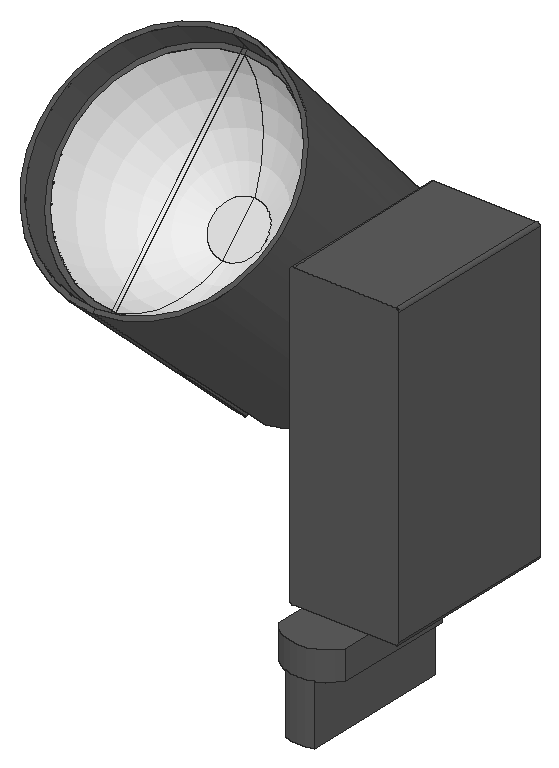
Revit family "0004951 Feilo Sylvania Lighting Fixture START TRACK SPOT L DALI 3616LM 940 MB BLK", category Lighting Fixtures, host Face, Revit 2017 (continued)
Definition of nested family "Start Track Spot Head"
  Types (96, lengths in mm): name | Wattage | built-in parameter 1150134 | Photometric Web File | Model | built-in parameter 1150105 | Lumens | built-in parameter 1150107 | built-in parameter 1150106 | HeadThickness_FEILO | HeadRibOffset_FEILO | HeadRibDepth_FEILO | HeadRibCutWidth_FEILO | HeadRibCutOffset_FEILO | HeadReflectorRadius_FEILO | HeadReflectorOffset_FEILO | HeadLEDRadius_FEILO | HeadHeight_FEILO | HeadDiffusorOffset_FEILO | HeadDiaOut_FEILO | HeadDiaIn_FEILO | HeadAxisFromTop_FEILO | Emit from Circle Diameter | built-in parameter 1150104 | Description | Apparent Load
    0004864 START TRACK SPOT S 24W 3K RA90 WB WHITE | 24 W | (empty or 0) | "0004864.ies" | "START TRACK SPOT S 24W 3K RA90 WB WHITE" | 152.79 (stored number, unit not read) | 1920 lm | 3000 (stored number, unit not read) | 1.5279 (stored number, unit not read) | 1.5 | 4.179 | 55.714 | 7.167 | 50.87 | 50.588 | 55.714 | 9.556 | 117 | 9.435 | 86 | 77.477 | 69.354 | 77.477 | 7.4322 (stored number, unit not read) | "Integrated LED spotlight, Textured White - RAL9016, compact and minimalist design, ideal for retail applications, die-cast aluminium body, passive cooling heatsink. Beam angle: 64°, color temperature: 3000K , total system power: 24W, total fixture output: 1928 lm, LOR: 100%, colour rendering: Ra: 90 typical, LED Chromaticity: 3 step MacAdam ellipse, lifetime: >50000 hours at L70B50, energy class: A++, A+, A, IR/UV free light source without heat radiation, operating voltage: 220-240V / 50-60Hz, drive current: 600mA, electronic driver, non-dimmable, power factor: 0.95, electrical protection: Class II, Global Track 3 Phase adapter suitable for Global trac 3-circuit tracks, ingress protection rating: IP20, suitable for internal environment only, horizontal rotation: 355°, vertical tilt: 90°, dimensions: Ø86x140x200, weight: 0.966kg." | 24 VA
    0004863 START TRACK SPOT S 24W 3K RA90 MB WHITE | 24 W | (empty or 0) | "0004863.ies" | "START TRACK SPOT S 24W 3K RA90 MB WHITE" | 154.7 (stored number, unit not read) | 1944 lm | 3000 (stored number, unit not read) | 1.547 (stored number, unit not read) | 1.5 | 4.179 | 55.714 | 7.167 | 50.87 | 50.588 | 55.714 | 9.556 | 117 | 9.435 | 86 | 77.477 | 69.354 | 77.477 | 7.5251 (stored number, unit not read) | "Integrated LED spotlight, Textured White - RAL9016, compact and minimalist design, ideal for retail applications, die-cast aluminium body, passive cooling heatsink. Beam angle: 36°, color temperature: 3000K , total system power: 24W, total fixture output: 1944 lm, LOR: 100%, colour rendering: Ra: 90 typical, LED Chromaticity: 3 step MacAdam ellipse, lifetime: >50000 hours at L70B50, energy class: A++, A+, A, IR/UV free light source without heat radiation, operating voltage: 220-240V / 50-60Hz, drive current: 600mA, electronic driver, non-dimmable, power factor: 0.95, electrical protection: Class II, Global Track 3 Phase adapter suitable for Global trac 3-circuit tracks, ingress protection rating: IP20, suitable for internal environment only, horizontal rotation: 355°, vertical tilt: 90°, dimensions: Ø86x140x200, weight: 0.966kg." | 24 VA
    0004862 START TRACK SPOT S 24W 3K RA90 NB WHITE | 24 W | (empty or 0) | "0004862.ies" | "START TRACK SPOT S 24W 3K RA90 NB WHITE" | 158.52 (stored number, unit not read) | 1992 lm | 3000 (stored number, unit not read) | 1.5852 (stored number, unit not read) | 1.5 | 4.179 | 55.714 | 7.167 | 50.87 | 50.588 | 55.714 | 9.556 | 117 | 9.435 | 86 | 77.477 | 69.354 | 77.477 | 7.711 (stored number, unit not read) | "Integrated LED spotlight, Textured White - RAL9016, compact and minimalist design, ideal for retail applications, die-cast aluminium body, passive cooling heatsink. Beam angle: 12°, color temperature: 3000K , total system power: 24W, total fixture output: 1987 lm, LOR: 100%, colour rendering: Ra: 90 typical, LED Chromaticity: 3 step MacAdam ellipse, lifetime: >50000 hours at L70B50, energy class: A++, A+, A, IR/UV free light source without heat radiation, operating voltage: 220-240V / 50-60Hz, drive current: 600mA, electronic driver, non-dimmable, power factor: 0.95, electrical protection: Class II, Global Track 3 Phase adapter suitable for Global trac 3-circuit tracks, ingress protection rating: IP20, suitable for internal environment only, horizontal rotation: 355°, vertical tilt: 90°, dimensions: Ø86x140x200, weight: 0.966kg." | 24 VA
    0004861 START TRACK SPOT S 14W 3K RA90 WB WHITE | 14 W | (empty or 0) | "0004861.ies" | "START TRACK SPOT S 14W 3K RA90 WB WHITE" | 100.27 (stored number, unit not read) | 1260 lm | 3000 (stored number, unit not read) | 1.0027 (stored number, unit not read) | 1.5 | 4.179 | 55.714 | 7.167 | 50.87 | 50.588 | 55.714 | 9.556 | 117 | 9.435 | 86 | 77.477 | 69.354 | 77.477 | 8.3613 (stored number, unit not read) | "Integrated LED spotlight, Textured White - RAL9016, compact and minimalist design, ideal for retail applications, die-cast aluminium body, passive cooling heatsink. Beam angle: 64°, color temperature: 3000K , total system power: 14W, total fixture output: 1262 lm, LOR: 100%, colour rendering: Ra: 90 typical, LED Chromaticity: 3 step MacAdam ellipse, lifetime: >50000 hours at L70B50, energy class: A++, A+, A, IR/UV free light source without heat radiation, operating voltage: 220-240V / 50-60Hz, drive current: 350mA, electronic driver, non-dimmable, power factor: 0.92, electrical protection: Class II, Global Track 3 Phase adapter suitable for Global trac 3-circuit tracks, ingress protection rating: IP20, suitable for internal environment only, horizontal rotation: 355°, vertical tilt: 90°, dimensions: Ø86x140x200, weight: 0.940kg." | 14 VA
    0004860 START TRACK SPOT S 14W 3K RA90 MB WHITE | 14 W | (empty or 0) | "0004860.ies" | "START TRACK SPOT S 14W 3K RA90 MB WHITE" | 100.27 (stored number, unit not read) | 1260 lm | 3000 (stored number, unit not read) | 1.0027 (stored number, unit not read) | 1.5 | 4.179 | 55.714 | 7.167 | 50.87 | 50.588 | 55.714 | 9.556 | 117 | 9.435 | 86 | 77.477 | 69.354 | 77.477 | 8.3613 (stored number, unit not read) | "Integrated LED spotlight, Textured White - RAL9016, compact and minimalist design, ideal for retail applications, die-cast aluminium body, passive cooling heatsink. Beam angle: 36°, color temperature: 3000K , total system power: 14W, total fixture output: 1262 lm, LOR: 100%, colour rendering: Ra: 90 typical, LED Chromaticity: 3 step MacAdam ellipse, lifetime: >50000 hours at L70B50, energy class: A++, A+, A, IR/UV free light source without heat radiation, operating voltage: 220-240V / 50-60Hz, drive current: 350mA, electronic driver, non-dimmable, power factor: 0.92, electrical protection: Class II, Global Track 3 Phase adapter suitable for Global trac 3-circuit tracks, ingress protection rating: IP20, suitable for internal environment only, horizontal rotation: 355°, vertical tilt: 90°, dimensions: Ø86x140x200, weight: 0.940kg." | 14 VA
    0004859 START TRACK SPOT S 14W 3K RA90 NB WHITE | 14 W | (empty or 0) | "0004859.ies" | "START TRACK SPOT S 14W 3K RA90 NB WHITE" | 102.5 (stored number, unit not read) | 1288 lm | 3000 (stored number, unit not read) | 1.025 (stored number, unit not read) | 1.5 | 4.179 | 55.714 | 7.167 | 50.87 | 50.588 | 55.714 | 9.556 | 117 | 9.435 | 86 | 77.477 | 69.354 | 77.477 | 8.5471 (stored number, unit not read) | "Integrated LED spotlight, Textured White - RAL9016, compact and minimalist design, ideal for retail applications, die-cast aluminium body, passive cooling heatsink. Beam angle: 12°, color temperature: 3000K , total system power: 14W, total fixture output: 1284 lm, LOR: 100%, colour rendering: Ra: 90 typical, LED Chromaticity: 3 step MacAdam ellipse, lifetime: >50000 hours at L70B50, energy class: A++, A+, A, IR/UV free light source without heat radiation, operating voltage: 220-240V / 50-60Hz, drive current: 350mA, electronic driver, non-dimmable, power factor: 0.92, electrical protection: Class II, Global Track 3 Phase adapter suitable for Global trac 3-circuit tracks, ingress protection rating: IP20, suitable for internal environment only, horizontal rotation: 355°, vertical tilt: 90°, dimensions: Ø86x140x200, weight: 0.940kg." | 14 VA
    0004858 START TRACK SPOT L 55W 4K RA80 WB BLACK | 55 W | 12 | "0004858.ies" | "START TRACK SPOT L 55W 4K RA80 WB BLACK" | 424.55 (stored number, unit not read) | 5335 lm | 4000 (stored number, unit not read) | 4.2455 (stored number, unit not read) | 2 | 4.429 | 59.048 | 9.417 | 53.913 | 66.471 | 59.048 | 12.556 | 124 | 10 | 113 | 101.802 | 73.503 | 101.802 | 9.0116 (stored number, unit not read) | "Integrated LED spotlight, Textured Black - RAL9005, compact and minimalist design, ideal for retail applications, die-cast aluminium body, passive cooling heatsink. Beam angle: 52°, color temperature: 4000K , total system power: 55W, total fixture output: 5320 lm, LOR: 100%, colour rendering: Ra: 80 typical, LED Chromaticity: 3 step MacAdam ellipse, lifetime: >50000 hours at L70B50, energy class: A++, A+, A, IR/UV free light source without heat radiation, operating voltage: 220-240V / 50-60Hz, drive current: 1400mA, electronic driver, non-dimmable, power factor: 0.96, electrical protection: Class II, Global Track 3 Phase adapter suitable for Global trac 3-circuit tracks, ingress protection rating: IP20, suitable for internal environment only, horizontal rotation: 355°, vertical tilt: 90°, dimensions: Ø113x164x240, weight: 1.398kg." | 55 VA
    0004857 START TRACK SPOT L 55W 4K RA80 MB BLACK | 55 W | 12 | "0004857.ies" | "START TRACK SPOT L 55W 4K RA80 MB BLACK" | 428.92 (stored number, unit not read) | 5390 lm | 4000 (stored number, unit not read) | 4.2892 (stored number, unit not read) | 2 | 4.429 | 59.048 | 9.417 | 53.913 | 66.471 | 59.048 | 12.556 | 124 | 10 | 113 | 101.802 | 73.503 | 101.802 | 9.1045 (stored number, unit not read) | "Integrated LED spotlight, Textured Black - RAL9005, compact and minimalist design, ideal for retail applications, die-cast aluminium body, passive cooling heatsink. Beam angle: 38°, color temperature: 4000K , total system power: 55W, total fixture output: 5378 lm, LOR: 100%, colour rendering: Ra: 80 typical, LED Chromaticity: 3 step MacAdam ellipse, lifetime: >50000 hours at L70B50, energy class: A++, A+, A, IR/UV free light source without heat radiation, operating voltage: 220-240V / 50-60Hz, drive current: 1400mA, electronic driver, non-dimmable, power factor: 0.96, electrical protection: Class II, Global Track 3 Phase adapter suitable for Global trac 3-circuit tracks, ingress protection rating: IP20, suitable for internal environment only, horizontal rotation: 355°, vertical tilt: 90°, dimensions: Ø113x164x240, weight: 1.398kg." | 55 VA
    0004856 START TRACK SPOT L 55W 4K RA80 NB BLACK | 55 W | 12 | "0004856.ies" | "START TRACK SPOT L 55W 4K RA80 NB BLACK" | 433.3 (stored number, unit not read) | 5445 lm | 4000 (stored number, unit not read) | 4.333 (stored number, unit not read) | 2 | 4.429 | 59.048 | 9.417 | 53.913 | 66.471 | 59.048 | 12.556 | 124 | 10 | 113 | 101.802 | 73.503 | 101.802 | 9.1974 (stored number, unit not read) | "Integrated LED spotlight, Textured Black - RAL9005, compact and minimalist design, ideal for retail applications, die-cast aluminium body, passive cooling heatsink. Beam angle: 15°, color temperature: 4000K , total system power: 55W, total fixture output: 5426 lm, LOR: 100%, colour rendering: Ra: 80 typical, LED Chromaticity: 3 step MacAdam ellipse, lifetime: >50000 hours at L70B50, energy class: A++, A+, A, IR/UV free light source without heat radiation, operating voltage: 220-240V / 50-60Hz, drive current: 1400mA, electronic driver, non-dimmable, power factor: 0.96, electrical protection: Class II, Global Track 3 Phase adapter suitable for Global trac 3-circuit tracks, ingress protection rating: IP20, suitable for internal environment only, horizontal rotation: 355°, vertical tilt: 90°, dimensions: Ø113x164x240, weight: 1.398kg." | 55 VA
    0004855 START TRACK SPOT L 35W 4K RA80 WB BLACK | 35 W | 12 | "0004855.ies" | "START TRACK SPOT L 35W 4K RA80 WB BLACK" | 320.3 (stored number, unit not read) | 4025 lm | 4000 (stored number, unit not read) | 3.203 (stored number, unit not read) | 2 | 4.429 | 59.048 | 9.417 | 53.913 | 66.471 | 59.048 | 12.556 | 124 | 10 | 113 | 101.802 | 73.503 | 101.802 | 10.684 (stored number, unit not read) | "Integrated LED spotlight, Textured Black - RAL9005, compact and minimalist design, ideal for retail applications, die-cast aluminium body, passive cooling heatsink. Beam angle: 52°, color temperature: 4000K , total system power: 35W, total fixture output: 4010 lm, LOR: 100%, colour rendering: Ra: 80 typical, LED Chromaticity: 3 step MacAdam ellipse, lifetime: >50000 hours at L70B50, energy class: A++, A+, A, IR/UV free light source without heat radiation, operating voltage: 220-240V / 50-60Hz, drive current: 900mA, electronic driver, non-dimmable, power factor: 0.93, electrical protection: Class II, Global Track 3 Phase adapter suitable for Global trac 3-circuit tracks, ingress protection rating: IP20, suitable for internal environment only, horizontal rotation: 355°, vertical tilt: 90°, dimensions: Ø113x164x240, weight: 1.368kg." | 35 VA
    0004854 START TRACK SPOT L 35W 4K RA80 MB BLACK | 35 W | 12 | "0004854.ies" | "START TRACK SPOT L 35W 4K RA80 MB BLACK" | 320.3 (stored number, unit not read) | 4025 lm | 4000 (stored number, unit not read) | 3.203 (stored number, unit not read) | 2 | 4.429 | 59.048 | 9.417 | 53.913 | 66.471 | 59.048 | 12.556 | 124 | 10 | 113 | 101.802 | 73.503 | 101.802 | 10.684 (stored number, unit not read) | "Integrated LED spotlight, Textured Black - RAL9005, compact and minimalist design, ideal for retail applications, die-cast aluminium body, passive cooling heatsink. Beam angle: 38°, color temperature: 4000K , total system power: 35W, total fixture output: 4017 lm, LOR: 100%, colour rendering: Ra: 80 typical, LED Chromaticity: 3 step MacAdam ellipse, lifetime: >50000 hours at L70B50, energy class: A++, A+, A, IR/UV free light source without heat radiation, operating voltage: 220-240V / 50-60Hz, drive current: 900mA, electronic driver, non-dimmable, power factor: 0.93, electrical protection: Class II, Global Track 3 Phase adapter suitable for Global trac 3-circuit tracks, ingress protection rating: IP20, suitable for internal environment only, horizontal rotation: 355°, vertical tilt: 90°, dimensions: Ø113x164x240, weight: 1.368kg." | 35 VA
    0004853 START TRACK SPOT L 35W 4K RA80 NB BLACK | 35 W | 12 | "0004853.ies" | "START TRACK SPOT L 35W 4K RA80 NB BLACK" | 331.44 (stored number, unit not read) | 4165 lm | 4000 (stored number, unit not read) | 3.3144 (stored number, unit not read) | 2 | 4.429 | 59.048 | 9.417 | 53.913 | 66.471 | 59.048 | 12.556 | 124 | 10 | 113 | 101.802 | 73.503 | 101.802 | 11.055 (stored number, unit not read) | "Integrated LED spotlight, Textured Black - RAL9005, compact and minimalist design, ideal for retail applications, die-cast aluminium body, passive cooling heatsink. Beam angle: 15°, color temperature: 4000K , total system power: 35W, total fixture output: 4174 lm, LOR: 100%, colour rendering: Ra: 80 typical, LED Chromaticity: 3 step MacAdam ellipse, lifetime: >50000 hours at L70B50, energy class: A++, A+, A, IR/UV free light source without heat radiation, operating voltage: 220-240V / 50-60Hz, drive current: 900mA, electronic driver, non-dimmable, power factor: 0.93, electrical protection: Class II, Global Track 3 Phase adapter suitable for Global trac 3-circuit tracks, ingress protection rating: IP20, suitable for internal environment only, horizontal rotation: 355°, vertical tilt: 90°, dimensions: Ø113x164x240, weight: 1.368kg." | 35 VA
    0004852 START TRACK SPOT S 24W 4K RA80 WB BLACK | 24 W | 12 | "0004852.ies" | "START TRACK SPOT S 24W 4K RA80 WB BLACK" | 196.72 (stored number, unit not read) | 2472 lm | 4000 (stored number, unit not read) | 1.9672 (stored number, unit not read) | 1.5 | 4.179 | 55.714 | 7.167 | 50.87 | 50.588 | 55.714 | 9.556 | 117 | 9.435 | 86 | 77.477 | 69.354 | 77.477 | 9.569 (stored number, unit not read) | "Integrated LED spotlight, Textured Black - RAL9005, compact and minimalist design, ideal for retail applications, die-cast aluminium body, passive cooling heatsink. Beam angle: 64°, color temperature: 4000K , total system power: 24W, total fixture output: 2476 lm, LOR: 100%, colour rendering: Ra: 80 typical, LED Chromaticity: 3 step MacAdam ellipse, lifetime: >50000 hours at L70B50, energy class: A++, A+, A, IR/UV free light source without heat radiation, operating voltage: 220-240V / 50-60Hz, drive current: 600mA, electronic driver, non-dimmable, power factor: 0.95, electrical protection: Class II, Global Track 3 Phase adapter suitable for Global trac 3-circuit tracks, ingress protection rating: IP20, suitable for internal environment only, horizontal rotation: 355°, vertical tilt: 90°, dimensions: Ø86x140x200, weight: 0.966kg." | 24 VA
    0004851 START TRACK SPOT S 24W 4K RA80 MB BLACK | 24 W | 12 | "0004851.ies" | "START TRACK SPOT S 24W 4K RA80 MB BLACK" | 198.63 (stored number, unit not read) | 2496 lm | 4000 (stored number, unit not read) | 1.9863 (stored number, unit not read) | 1.5 | 4.179 | 55.714 | 7.167 | 50.87 | 50.588 | 55.714 | 9.556 | 117 | 9.435 | 86 | 77.477 | 69.354 | 77.477 | 9.6619 (stored number, unit not read) | "Integrated LED spotlight, Textured Black - RAL9005, compact and minimalist design, ideal for retail applications, die-cast aluminium body, passive cooling heatsink. Beam angle: 36°, color temperature: 4000K , total system power: 24W, total fixture output: 2487 lm, LOR: 100%, colour rendering: Ra: 80 typical, LED Chromaticity: 3 step MacAdam ellipse, lifetime: >50000 hours at L70B50, energy class: A++, A+, A, IR/UV free light source without heat radiation, operating voltage: 220-240V / 50-60Hz, drive current: 600mA, electronic driver, non-dimmable, power factor: 0.95, electrical protection: Class II, Global Track 3 Phase adapter suitable for Global trac 3-circuit tracks, ingress protection rating: IP20, suitable for internal environment only, horizontal rotation: 355°, vertical tilt: 90°, dimensions: Ø86x140x200, weight: 0.966kg." | 24 VA
    0004850 START TRACK SPOT S 24W 4K RA80 NB BLACK | 24 W | 12 | "0004850.ies" | "START TRACK SPOT S 24W 4K RA80 NB BLACK" | 200.54 (stored number, unit not read) | 2520 lm | 4000 (stored number, unit not read) | 2.0054 (stored number, unit not read) | 1.5 | 4.179 | 55.714 | 7.167 | 50.87 | 50.588 | 55.714 | 9.556 | 117 | 9.435 | 86 | 77.477 | 69.354 | 77.477 | 9.7548 (stored number, unit not read) | "Integrated LED spotlight, Textured Black - RAL9005, compact and minimalist design, ideal for retail applications, die-cast aluminium body, passive cooling heatsink. Beam angle: 12°, color temperature: 4000K , total system power: 24W, total fixture output: 2529 lm, LOR: 100%, colour rendering: Ra: 80 typical, LED Chromaticity: 3 step MacAdam ellipse, lifetime: >50000 hours at L70B50, energy class: A++, A+, A, IR/UV free light source without heat radiation, operating voltage: 220-240V / 50-60Hz, drive current: 600mA, electronic driver, non-dimmable, power factor: 0.95, electrical protection: Class II, Global Track 3 Phase adapter suitable for Global trac 3-circuit tracks, ingress protection rating: IP20, suitable for internal environment only, horizontal rotation: 355°, vertical tilt: 90°, dimensions: Ø86x140x200, weight: 0.966kg." | 24 VA
    0004849 START TRACK SPOT S 14W 4K RA80 WB BLACK | 14 W | 12 | "0004849.ies" | "START TRACK SPOT S 14W 4K RA80 WB BLACK" | 123.66 (stored number, unit not read) | 1554 lm | 4000 (stored number, unit not read) | 1.2366 (stored number, unit not read) | 1.5 | 4.179 | 55.714 | 7.167 | 50.87 | 50.588 | 55.714 | 9.556 | 117 | 9.435 | 86 | 77.477 | 69.354 | 77.477 | 10.312 (stored number, unit not read) | "Integrated LED spotlight, Textured Black - RAL9005, compact and minimalist design, ideal for retail applications, die-cast aluminium body, passive cooling heatsink. Beam angle: 64°, color temperature: 4000K , total system power: 14W, total fixture output: 1558 lm, LOR: 100%, colour rendering: Ra: 80 typical, LED Chromaticity: 3 step MacAdam ellipse, lifetime: >50000 hours at L70B50, energy class: A++, A+, A, IR/UV free light source without heat radiation, operating voltage: 220-240V / 50-60Hz, drive current: 350mA, electronic driver, non-dimmable, power factor: 0.92, electrical protection: Class II, Global Track 3 Phase adapter suitable for Global trac 3-circuit tracks, ingress protection rating: IP20, suitable for internal environment only, horizontal rotation: 355°, vertical tilt: 90°, dimensions: Ø86x140x200, weight: 0.940kg." | 14 VA
    0004848 START TRACK SPOT S 14W 4K RA80 MB BLACK | 14 W | 12 | "0004848.ies" | "START TRACK SPOT S 14W 4K RA80 MB BLACK" | 127.01 (stored number, unit not read) | 1596 lm | 4000 (stored number, unit not read) | 1.2701 (stored number, unit not read) | 1.5 | 4.179 | 55.714 | 7.167 | 50.87 | 50.588 | 55.714 | 9.556 | 117 | 9.435 | 86 | 77.477 | 69.354 | 77.477 | 10.591 (stored number, unit not read) | "Integrated LED spotlight, Textured Black - RAL9005, compact and minimalist design, ideal for retail applications, die-cast aluminium body, passive cooling heatsink. Beam angle: 36°, color temperature: 4000K , total system power: 14W, total fixture output: 1598 lm, LOR: 100%, colour rendering: Ra: 80 typical, LED Chromaticity: 3 step MacAdam ellipse, lifetime: >50000 hours at L70B50, energy class: A++, A+, A, IR/UV free light source without heat radiation, operating voltage: 220-240V / 50-60Hz, drive current: 350mA, electronic driver, non-dimmable, power factor: 0.92, electrical protection: Class II, Global Track 3 Phase adapter suitable for Global trac 3-circuit tracks, ingress protection rating: IP20, suitable for internal environment only, horizontal rotation: 355°, vertical tilt: 90°, dimensions: Ø86x140x200, weight: 0.940kg." | 14 VA
    0004847 START TRACK SPOT S 14W 4K RA80 NB BLACK | 14 W | 12 | "0004847.ies" | "START TRACK SPOT S 14W 4K RA80 NB BLACK" | 128.12 (stored number, unit not read) | 1610 lm | 4000 (stored number, unit not read) | 1.2812 (stored number, unit not read) | 1.5 | 4.179 | 55.714 | 7.167 | 50.87 | 50.588 | 55.714 | 9.556 | 117 | 9.435 | 86 | 77.477 | 69.354 | 77.477 | 10.684 (stored number, unit not read) | "Integrated LED spotlight, Textured Black - RAL9005, compact and minimalist design, ideal for retail applications, die-cast aluminium body, passive cooling heatsink. Beam angle: 12°, color temperature: 4000K , total system power: 14W, total fixture output: 1608 lm, LOR: 100%, colour rendering: Ra: 80 typical, LED Chromaticity: 3 step MacAdam ellipse, lifetime: >50000 hours at L70B50, energy class: A++, A+, A, IR/UV free light source without heat radiation, operating voltage: 220-240V / 50-60Hz, drive current: 350mA, electronic driver, non-dimmable, power factor: 0.92, electrical protection: Class II, Global Track 3 Phase adapter suitable for Global trac 3-circuit tracks, ingress protection rating: IP20, suitable for internal environment only, horizontal rotation: 355°, vertical tilt: 90°, dimensions: Ø86x140x200, weight: 0.940kg." | 14 VA
    0004846 START TRACK SPOT L 55W 3K RA80 WB BLACK | 55 W | (empty or 0) | "0004846.ies" | "START TRACK SPOT L 55W 3K RA80 WB BLACK" | 420.17 (stored number, unit not read) | 5280 lm | 3000 (stored number, unit not read) | 4.2017 (stored number, unit not read) | 2 | 4.429 | 59.048 | 9.417 | 53.913 | 66.471 | 59.048 | 12.556 | 124 | 10 | 113 | 101.802 | 73.503 | 101.802 | 8.9187 (stored number, unit not read) | "Integrated LED spotlight, Textured Black - RAL9005, compact and minimalist design, ideal for retail applications, die-cast aluminium body, passive cooling heatsink. Beam angle: 52°, color temperature: 3000K , total system power: 55W, total fixture output: 5298 lm, LOR: 100%, colour rendering: Ra: 80 typical, LED Chromaticity: 3 step MacAdam ellipse, lifetime: >50000 hours at L70B50, energy class: A++, A+, A, IR/UV free light source without heat radiation, operating voltage: 220-240V / 50-60Hz, drive current: 1400mA, electronic driver, non-dimmable, power factor: 0.96, electrical protection: Class II, Global Track 3 Phase adapter suitable for Global trac 3-circuit tracks, ingress protection rating: IP20, suitable for internal environment only, horizontal rotation: 355°, vertical tilt: 90°, dimensions: Ø113x164x240, weight: 1.398kg." | 55 VA
    0004845 START TRACK SPOT L 55W 3K RA80 MB BLACK | 55 W | (empty or 0) | "0004845.ies" | "START TRACK SPOT L 55W 3K RA80 MB BLACK" | 428.92 (stored number, unit not read) | 5390 lm | 3000 (stored number, unit not read) | 4.2892 (stored number, unit not read) | 2 | 4.429 | 59.048 | 9.417 | 53.913 | 66.471 | 59.048 | 12.556 | 124 | 10 | 113 | 101.802 | 73.503 | 101.802 | 9.1045 (stored number, unit not read) | "Integrated LED spotlight, Textured Black - RAL9005, compact and minimalist design, ideal for retail applications, die-cast aluminium body, passive cooling heatsink. Beam angle: 38°, color temperature: 3000K , total system power: 55W, total fixture output: 5381 lm, LOR: 100%, colour rendering: Ra: 80 typical, LED Chromaticity: 3 step MacAdam ellipse, lifetime: >50000 hours at L70B50, energy class: A++, A+, A, IR/UV free light source without heat radiation, operating voltage: 220-240V / 50-60Hz, drive current: 1400mA, electronic driver, non-dimmable, power factor: 0.96, electrical protection: Class II, Global Track 3 Phase adapter suitable for Global trac 3-circuit tracks, ingress protection rating: IP20, suitable for internal environment only, horizontal rotation: 355°, vertical tilt: 90°, dimensions: Ø113x164x240, weight: 1.398kg." | 55 VA
    0004844 START TRACK SPOT L 55W 3K RA80 NB BLACK | 55 W | (empty or 0) | "0004844.ies" | "START TRACK SPOT L 55W 3K RA80 NB BLACK" | 433.3 (stored number, unit not read) | 5445 lm | 3000 (stored number, unit not read) | 4.333 (stored number, unit not read) | 2 | 4.429 | 59.048 | 9.417 | 53.913 | 66.471 | 59.048 | 12.556 | 124 | 10 | 113 | 101.802 | 73.503 | 101.802 | 9.1974 (stored number, unit not read) | "Integrated LED spotlight, Textured Black - RAL9005, compact and minimalist design, ideal for retail applications, die-cast aluminium body, passive cooling heatsink. Beam angle: 15°, color temperature: 3000K , total system power: 55W, total fixture output: 5449 lm, LOR: 100%, colour rendering: Ra: 80 typical, LED Chromaticity: 3 step MacAdam ellipse, lifetime: >50000 hours at L70B50, energy class: A++, A+, A, IR/UV free light source without heat radiation, operating voltage: 220-240V / 50-60Hz, drive current: 1400mA, electronic driver, non-dimmable, power factor: 0.96, electrical protection: Class II, Global Track 3 Phase adapter suitable for Global trac 3-circuit tracks, ingress protection rating: IP20, suitable for internal environment only, horizontal rotation: 355°, vertical tilt: 90°, dimensions: Ø113x164x240, weight: 1.398kg." | 55 VA
    0004843 START TRACK SPOT L 35W 3K RA80 WB BLACK | 35 W | (empty or 0) | "0004843.ies" | "START TRACK SPOT L 35W 3K RA80 WB BLACK" | 314.73 (stored number, unit not read) | 3955 lm | 3000 (stored number, unit not read) | 3.1473 (stored number, unit not read) | 2 | 4.429 | 59.048 | 9.417 | 53.913 | 66.471 | 59.048 | 12.556 | 124 | 10 | 113 | 101.802 | 73.503 | 101.802 | 10.498 (stored number, unit not read) | "Integrated LED spotlight, Textured Black - RAL9005, compact and minimalist design, ideal for retail applications, die-cast aluminium body, passive cooling heatsink. Beam angle: 52°, color temperature: 3000K , total system power: 35W, total fixture output: 3943 lm, LOR: 100%, colour rendering: Ra: 80 typical, LED Chromaticity: 3 step MacAdam ellipse, lifetime: >50000 hours at L70B50, energy class: A++, A+, A, IR/UV free light source without heat radiation, operating voltage: 220-240V / 50-60Hz, drive current: 900mA, electronic driver, non-dimmable, power factor: 0.93, electrical protection: Class II, Global Track 3 Phase adapter suitable for Global trac 3-circuit tracks, ingress protection rating: IP20, suitable for internal environment only, horizontal rotation: 355°, vertical tilt: 90°, dimensions: Ø113x164x240, weight: 1.368kg." | 35 VA
    0004842 START TRACK SPOT L 35W 3K RA80 MB BLACK | 35 W | (empty or 0) | "0004842.ies" | "START TRACK SPOT L 35W 3K RA80 MB BLACK" | 320.3 (stored number, unit not read) | 4025 lm | 3000 (stored number, unit not read) | 3.203 (stored number, unit not read) | 2 | 4.429 | 59.048 | 9.417 | 53.913 | 66.471 | 59.048 | 12.556 | 124 | 10 | 113 | 101.802 | 73.503 | 101.802 | 10.684 (stored number, unit not read) | "Integrated LED spotlight, Textured Black - RAL9005, compact and minimalist design, ideal for retail applications, die-cast aluminium body, passive cooling heatsink. Beam angle: 38°, color temperature: 3000K , total system power: 35W, total fixture output: 4008 lm, LOR: 100%, colour rendering: Ra: 80 typical, LED Chromaticity: 3 step MacAdam ellipse, lifetime: >50000 hours at L70B50, energy class: A++, A+, A, IR/UV free light source without heat radiation, operating voltage: 220-240V / 50-60Hz, drive current: 900mA, electronic driver, non-dimmable, power factor: 0.93, electrical protection: Class II, Global Track 3 Phase adapter suitable for Global trac 3-circuit tracks, ingress protection rating: IP20, suitable for internal environment only, horizontal rotation: 355°, vertical tilt: 90°, dimensions: Ø113x164x240, weight: 1.368kg." | 35 VA
    0004841 START TRACK SPOT L 35W 3K RA80 NB BLACK | 35 W | (empty or 0) | "0004841.ies" | "START TRACK SPOT L 35W 3K RA80 NB BLACK" | 317.51 (stored number, unit not read) | 3990 lm | 3000 (stored number, unit not read) | 3.1751 (stored number, unit not read) | 2 | 4.429 | 59.048 | 9.417 | 53.913 | 66.471 | 59.048 | 12.556 | 124 | 10 | 113 | 101.802 | 73.503 | 101.802 | 10.591 (stored number, unit not read) | "Integrated LED spotlight, Textured Black - RAL9005, compact and minimalist design, ideal for retail applications, die-cast aluminium body, passive cooling heatsink. Beam angle: 15°, color temperature: 3000K , total system power: 35W, total fixture output: 4005 lm, LOR: 100%, colour rendering: Ra: 80 typical, LED Chromaticity: 3 step MacAdam ellipse, lifetime: >50000 hours at L70B50, energy class: A++, A+, A, IR/UV free light source without heat radiation, operating voltage: 220-240V / 50-60Hz, drive current: 900mA, electronic driver, non-dimmable, power factor: 0.93, electrical protection: Class II, Global Track 3 Phase adapter suitable for Global trac 3-circuit tracks, ingress protection rating: IP20, suitable for internal environment only, horizontal rotation: 355°, vertical tilt: 90°, dimensions: Ø113x164x240, weight: 1.368kg." | 35 VA
    0004840 START TRACK SPOT S 24W 3K RA80 WB BLACK | 24 W | (empty or 0) | "0004840.ies" | "START TRACK SPOT S 24W 3K RA80 WB BLACK" | 185.26 (stored number, unit not read) | 2328 lm | 3000 (stored number, unit not read) | 1.8526 (stored number, unit not read) | 1.5 | 4.179 | 55.714 | 7.167 | 50.87 | 50.588 | 55.714 | 9.556 | 117 | 9.435 | 86 | 77.477 | 69.354 | 77.477 | 9.0116 (stored number, unit not read) | "Integrated LED spotlight, Textured Black - RAL9005, compact and minimalist design, ideal for retail applications, die-cast aluminium body, passive cooling heatsink. Beam angle: 64°, color temperature: 3000K , total system power: 24W, total fixture output: 2318 lm, LOR: 100%, colour rendering: Ra: 80 typical, LED Chromaticity: 3 step MacAdam ellipse, lifetime: >50000 hours at L70B50, energy class: A++, A+, A, IR/UV free light source without heat radiation, operating voltage: 220-240V / 50-60Hz, drive current: 600mA, electronic driver, non-dimmable, power factor: 0.95, electrical protection: Class II, Global Track 3 Phase adapter suitable for Global trac 3-circuit tracks, ingress protection rating: IP20, suitable for internal environment only, horizontal rotation: 355°, vertical tilt: 90°, dimensions: Ø86x140x200, weight: 0.966kg." | 24 VA
    0004839 START TRACK SPOT S 24W 3K RA80 MB BLACK | 24 W | (empty or 0) | "0004839.ies" | "START TRACK SPOT S 24W 3K RA80 MB BLACK" | 183.35 (stored number, unit not read) | 2304 lm | 3000 (stored number, unit not read) | 1.8335 (stored number, unit not read) | 1.5 | 4.179 | 55.714 | 7.167 | 50.87 | 50.588 | 55.714 | 9.556 | 117 | 9.435 | 86 | 77.477 | 69.354 | 77.477 | 8.9187 (stored number, unit not read) | "Integrated LED spotlight, Textured Black - RAL9005, compact and minimalist design, ideal for retail applications, die-cast aluminium body, passive cooling heatsink. Beam angle: 36°, color temperature: 3000K , total system power: 24W, total fixture output: 2314 lm, LOR: 100%, colour rendering: Ra: 80 typical, LED Chromaticity: 3 step MacAdam ellipse, lifetime: >50000 hours at L70B50, energy class: A++, A+, A, IR/UV free light source without heat radiation, operating voltage: 220-240V / 50-60Hz, drive current: 600mA, electronic driver, non-dimmable, power factor: 0.95, electrical protection: Class II, Global Track 3 Phase adapter suitable for Global trac 3-circuit tracks, ingress protection rating: IP20, suitable for internal environment only, horizontal rotation: 355°, vertical tilt: 90°, dimensions: Ø86x140x200, weight: 0.966kg." | 24 VA
    0004838 START TRACK SPOT S 24W 3K RA80 NB BLACK | 24 W | (empty or 0) | "0004838.ies" | "START TRACK SPOT S 24W 3K RA80 NB BLACK" | 185.26 (stored number, unit not read) | 2328 lm | 3000 (stored number, unit not read) | 1.8526 (stored number, unit not read) | 1.5 | 4.179 | 55.714 | 7.167 | 50.87 | 50.588 | 55.714 | 9.556 | 117 | 9.435 | 86 | 77.477 | 69.354 | 77.477 | 9.0116 (stored number, unit not read) | "Integrated LED spotlight, Textured Black - RAL9005, compact and minimalist design, ideal for retail applications, die-cast aluminium body, passive cooling heatsink. Beam angle: 12°, color temperature: 3000K , total system power: 24W, total fixture output: 2334 lm, LOR: 100%, colour rendering: Ra: 80 typical, LED Chromaticity: 3 step MacAdam ellipse, lifetime: >50000 hours at L70B50, energy class: A++, A+, A, IR/UV free light source without heat radiation, operating voltage: 220-240V / 50-60Hz, drive current: 600mA, electronic driver, non-dimmable, power factor: 0.95, electrical protection: Class II, Global Track 3 Phase adapter suitable for Global trac 3-circuit tracks, ingress protection rating: IP20, suitable for internal environment only, horizontal rotation: 355°, vertical tilt: 90°, dimensions: Ø86x140x200, weight: 0.966kg." | 24 VA
    0004837 START TRACK SPOT S 14W 3K RA80 WB BLACK | 14 W | (empty or 0) | "0004837.ies" | "START TRACK SPOT S 14W 3K RA80 WB BLACK" | 119.21 (stored number, unit not read) | 1498 lm | 3000 (stored number, unit not read) | 1.1921 (stored number, unit not read) | 1.5 | 4.179 | 55.714 | 7.167 | 50.87 | 50.588 | 55.714 | 9.556 | 117 | 9.435 | 86 | 77.477 | 69.354 | 77.477 | 9.9406 (stored number, unit not read) | "Integrated LED spotlight, Textured Black - RAL9005, compact and minimalist design, ideal for retail applications, die-cast aluminium body, passive cooling heatsink. Beam angle: 64°, color temperature: 3000K , total system power: 14W, total fixture output: 1498 lm, LOR: 100%, colour rendering: Ra: 80 typical, LED Chromaticity: 3 step MacAdam ellipse, lifetime: >50000 hours at L70B50, energy class: A++, A+, A, IR/UV free light source without heat radiation, operating voltage: 220-240V / 50-60Hz, drive current: 350mA, electronic driver, non-dimmable, power factor: 0.92, electrical protection: Class II, Global Track 3 Phase adapter suitable for Global trac 3-circuit tracks, ingress protection rating: IP20, suitable for internal environment only, horizontal rotation: 355°, vertical tilt: 90°, dimensions: Ø86x140x200, weight: 0.940kg." | 14 VA
    0004836 START TRACK SPOT S 14W 3K RA80 MB BLACK | 14 W | (empty or 0) | "0004836.ies" | "START TRACK SPOT S 14W 3K RA80 MB BLACK" | 120.32 (stored number, unit not read) | 1512 lm | 3000 (stored number, unit not read) | 1.2032 (stored number, unit not read) | 1.5 | 4.179 | 55.714 | 7.167 | 50.87 | 50.588 | 55.714 | 9.556 | 117 | 9.435 | 86 | 77.477 | 69.354 | 77.477 | 10.034 (stored number, unit not read) | "Integrated LED spotlight, Textured Black - RAL9005, compact and minimalist design, ideal for retail applications, die-cast aluminium body, passive cooling heatsink. Beam angle: 36°, color temperature: 3000K , total system power: 14W, total fixture output: 1508 lm, LOR: 100%, colour rendering: Ra: 80 typical, LED Chromaticity: 3 step MacAdam ellipse, lifetime: >50000 hours at L70B50, energy class: A++, A+, A, IR/UV free light source without heat radiation, operating voltage: 220-240V / 50-60Hz, drive current: 350mA, electronic driver, non-dimmable, power factor: 0.92, electrical protection: Class II, Global Track 3 Phase adapter suitable for Global trac 3-circuit tracks, ingress protection rating: IP20, suitable for internal environment only, horizontal rotation: 355°, vertical tilt: 90°, dimensions: Ø86x140x200, weight: 0.940kg." | 14 VA
    0004835 START TRACK SPOT S 14W 3K RA80 NB BLACK | 14 W | (empty or 0) | "0004835.ies" | "START TRACK SPOT S 14W 3K RA80 NB BLACK" | 123.66 (stored number, unit not read) | 1554 lm | 3000 (stored number, unit not read) | 1.2366 (stored number, unit not read) | 1.5 | 4.179 | 55.714 | 7.167 | 50.87 | 50.588 | 55.714 | 9.556 | 117 | 9.435 | 86 | 77.477 | 69.354 | 77.477 | 10.312 (stored number, unit not read) | "Integrated LED spotlight, Textured Black - RAL9005, compact and minimalist design, ideal for retail applications, die-cast aluminium body, passive cooling heatsink. Beam angle: 12°, color temperature: 3000K , total system power: 14W, total fixture output: 1551 lm, LOR: 100%, colour rendering: Ra: 80 typical, LED Chromaticity: 3 step MacAdam ellipse, lifetime: >50000 hours at L70B50, energy class: A++, A+, A, IR/UV free light source without heat radiation, operating voltage: 220-240V / 50-60Hz, drive current: 350mA, electronic driver, non-dimmable, power factor: 0.92, electrical protection: Class II, Global Track 3 Phase adapter suitable for Global trac 3-circuit tracks, ingress protection rating: IP20, suitable for internal environment only, horizontal rotation: 355°, vertical tilt: 90°, dimensions: Ø86x140x200, weight: 0.940kg." | 14 VA
    0004834 START TRACK SPOT L 55W 4K RA80 WB WHITE | 55 W | 12 | "0004834.ies" | "START TRACK SPOT L 55W 4K RA80 WB WHITE" | 424.55 (stored number, unit not read) | 5335 lm | 4000 (stored number, unit not read) | 4.2455 (stored number, unit not read) | 2 | 4.429 | 59.048 | 9.417 | 53.913 | 66.471 | 59.048 | 12.556 | 124 | 10 | 113 | 101.802 | 73.503 | 101.802 | 9.0116 (stored number, unit not read) | "Integrated LED spotlight, Textured White - RAL9016, compact and minimalist design, ideal for retail applications, die-cast aluminium body, passive cooling heatsink. Beam angle: 52°, color temperature: 4000K , total system power: 55W, total fixture output: 5320 lm, LOR: 100%, colour rendering: Ra: 80 typical, LED Chromaticity: 3 step MacAdam ellipse, lifetime: >50000 hours at L70B50, energy class: A++, A+, A, IR/UV free light source without heat radiation, operating voltage: 220-240V / 50-60Hz, drive current: 1400mA, electronic driver, non-dimmable, power factor: 0.96, electrical protection: Class II, Global Track 3 Phase adapter suitable for Global trac 3-circuit tracks, ingress protection rating: IP20, suitable for internal environment only, horizontal rotation: 355°, vertical tilt: 90°, dimensions: Ø113x164x240, weight: 1.398kg." | 55 VA
    0004833 START TRACK SPOT L 55W 4K RA80 MB WHITE | 55 W | 12 | "0004833.ies" | "START TRACK SPOT L 55W 4K RA80 MB WHITE" | 428.92 (stored number, unit not read) | 5390 lm | 4000 (stored number, unit not read) | 4.2892 (stored number, unit not read) | 2 | 4.429 | 59.048 | 9.417 | 53.913 | 66.471 | 59.048 | 12.556 | 124 | 10 | 113 | 101.802 | 73.503 | 101.802 | 9.1045 (stored number, unit not read) | "Integrated LED spotlight, Textured White - RAL9016, compact and minimalist design, ideal for retail applications, die-cast aluminium body, passive cooling heatsink. Beam angle: 38°, color temperature: 4000K , total system power: 55W, total fixture output: 5378 lm, LOR: 100%, colour rendering: Ra: 80 typical, LED Chromaticity: 3 step MacAdam ellipse, lifetime: >50000 hours at L70B50, energy class: A++, A+, A, IR/UV free light source without heat radiation, operating voltage: 220-240V / 50-60Hz, drive current: 1400mA, electronic driver, non-dimmable, power factor: 0.96, electrical protection: Class II, Global Track 3 Phase adapter suitable for Global trac 3-circuit tracks, ingress protection rating: IP20, suitable for internal environment only, horizontal rotation: 355°, vertical tilt: 90°, dimensions: Ø113x164x240, weight: 1.398kg." | 55 VA
    0004832 START TRACK SPOT L 55W 4K RA80 NB WHITE | 55 W | 12 | "0004832.ies" | "START TRACK SPOT L 55W 4K RA80 NB WHITE" | 433.3 (stored number, unit not read) | 5445 lm | 4000 (stored number, unit not read) | 4.333 (stored number, unit not read) | 2 | 4.429 | 59.048 | 9.417 | 53.913 | 66.471 | 59.048 | 12.556 | 124 | 10 | 113 | 101.802 | 73.503 | 101.802 | 9.1974 (stored number, unit not read) | "Integrated LED spotlight, Textured White - RAL9016, compact and minimalist design, ideal for retail applications, die-cast aluminium body, passive cooling heatsink. Beam angle: 15°, color temperature: 4000K , total system power: 55W, total fixture output: 5426 lm, LOR: 100%, colour rendering: Ra: 80 typical, LED Chromaticity: 3 step MacAdam ellipse, lifetime: >50000 hours at L70B50, energy class: A++, A+, A, IR/UV free light source without heat radiation, operating voltage: 220-240V / 50-60Hz, drive current: 1400mA, electronic driver, non-dimmable, power factor: 0.96, electrical protection: Class II, Global Track 3 Phase adapter suitable for Global trac 3-circuit tracks, ingress protection rating: IP20, suitable for internal environment only, horizontal rotation: 355°, vertical tilt: 90°, dimensions: Ø113x164x240, weight: 1.398kg." | 55 VA
    0004831 START TRACK SPOT L 35W 4K RA80 WB WHITE | 35 W | 12 | "0004831.ies" | "START TRACK SPOT L 35W 4K RA80 WB WHITE" | 320.3 (stored number, unit not read) | 4025 lm | 4000 (stored number, unit not read) | 3.203 (stored number, unit not read) | 2 | 4.429 | 59.048 | 9.417 | 53.913 | 66.471 | 59.048 | 12.556 | 124 | 10 | 113 | 101.802 | 73.503 | 101.802 | 10.684 (stored number, unit not read) | "Integrated LED spotlight, Textured White - RAL9016, compact and minimalist design, ideal for retail applications, die-cast aluminium body, passive cooling heatsink. Beam angle: 52°, color temperature: 4000K , total system power: 35W, total fixture output: 4010 lm, LOR: 100%, colour rendering: Ra: 80 typical, LED Chromaticity: 3 step MacAdam ellipse, lifetime: >50000 hours at L70B50, energy class: A++, A+, A, IR/UV free light source without heat radiation, operating voltage: 220-240V / 50-60Hz, drive current: 900mA, electronic driver, non-dimmable, power factor: 0.93, electrical protection: Class II, Global Track 3 Phase adapter suitable for Global trac 3-circuit tracks, ingress protection rating: IP20, suitable for internal environment only, horizontal rotation: 355°, vertical tilt: 90°, dimensions: Ø113x164x240, weight: 1.368kg." | 35 VA
    0004830 START TRACK SPOT L 35W 4K RA80 MB WHITE | 35 W | 12 | "0004830.ies" | "START TRACK SPOT L 35W 4K RA80 MB WHITE" | 320.3 (stored number, unit not read) | 4025 lm | 4000 (stored number, unit not read) | 3.203 (stored number, unit not read) | 2 | 4.429 | 59.048 | 9.417 | 53.913 | 66.471 | 59.048 | 12.556 | 124 | 10 | 113 | 101.802 | 73.503 | 101.802 | 10.684 (stored number, unit not read) | "Integrated LED spotlight, Textured White - RAL9016, compact and minimalist design, ideal for retail applications, die-cast aluminium body, passive cooling heatsink. Beam angle: 38°, color temperature: 4000K , total system power: 35W, total fixture output: 4017 lm, LOR: 100%, colour rendering: Ra: 80 typical, LED Chromaticity: 3 step MacAdam ellipse, lifetime: >50000 hours at L70B50, energy class: A++, A+, A, IR/UV free light source without heat radiation, operating voltage: 220-240V / 50-60Hz, drive current: 900mA, electronic driver, non-dimmable, power factor: 0.93, electrical protection: Class II, Global Track 3 Phase adapter suitable for Global trac 3-circuit tracks, ingress protection rating: IP20, suitable for internal environment only, horizontal rotation: 355°, vertical tilt: 90°, dimensions: Ø113x164x240, weight: 1.368kg." | 35 VA
    0004829 START TRACK SPOT L 35W 4K RA80 NB WHITE | 35 W | 12 | "0004829.ies" | "START TRACK SPOT L 35W 4K RA80 NB WHITE" | 331.44 (stored number, unit not read) | 4165 lm | 4000 (stored number, unit not read) | 3.3144 (stored number, unit not read) | 2 | 4.429 | 59.048 | 9.417 | 53.913 | 66.471 | 59.048 | 12.556 | 124 | 10 | 113 | 101.802 | 73.503 | 101.802 | 11.055 (stored number, unit not read) | "Integrated LED spotlight, Textured White - RAL9016, compact and minimalist design, ideal for retail applications, die-cast aluminium body, passive cooling heatsink. Beam angle: 15°, color temperature: 4000K , total system power: 35W, total fixture output: 4174 lm, LOR: 100%, colour rendering: Ra: 80 typical, LED Chromaticity: 3 step MacAdam ellipse, lifetime: >50000 hours at L70B50, energy class: A++, A+, A, IR/UV free light source without heat radiation, operating voltage: 220-240V / 50-60Hz, drive current: 900mA, electronic driver, non-dimmable, power factor: 0.93, electrical protection: Class II, Global Track 3 Phase adapter suitable for Global trac 3-circuit tracks, ingress protection rating: IP20, suitable for internal environment only, horizontal rotation: 355°, vertical tilt: 90°, dimensions: Ø113x164x240, weight: 1.368kg." | 35 VA
    0004828 START TRACK SPOT S 24W 4K RA80 WB WHITE | 24 W | 12 | "0004828.ies" | "START TRACK SPOT S 24W 4K RA80 WB WHITE" | 196.72 (stored number, unit not read) | 2472 lm | 4000 (stored number, unit not read) | 1.9672 (stored number, unit not read) | 1.5 | 4.179 | 55.714 | 7.167 | 50.87 | 50.588 | 55.714 | 9.556 | 117 | 9.435 | 86 | 77.477 | 69.354 | 77.477 | 9.569 (stored number, unit not read) | "Integrated LED spotlight, Textured White - RAL9016, compact and minimalist design, ideal for retail applications, die-cast aluminium body, passive cooling heatsink. Beam angle: 64°, color temperature: 4000K , total system power: 24W, total fixture output: 2476 lm, LOR: 100%, colour rendering: Ra: 80 typical, LED Chromaticity: 3 step MacAdam ellipse, lifetime: >50000 hours at L70B50, energy class: A++, A+, A, IR/UV free light source without heat radiation, operating voltage: 220-240V / 50-60Hz, drive current: 600mA, electronic driver, non-dimmable, power factor: 0.95, electrical protection: Class II, Global Track 3 Phase adapter suitable for Global trac 3-circuit tracks, ingress protection rating: IP20, suitable for internal environment only, horizontal rotation: 355°, vertical tilt: 90°, dimensions: Ø86x140x200, weight: 0.966kg." | 24 VA
    0004827 START TRACK SPOT S 24W 4K RA80 MB WHITE | 24 W | 12 | "0004827.ies" | "START TRACK SPOT S 24W 4K RA80 MB WHITE" | 198.63 (stored number, unit not read) | 2496 lm | 4000 (stored number, unit not read) | 1.9863 (stored number, unit not read) | 1.5 | 4.179 | 55.714 | 7.167 | 50.87 | 50.588 | 55.714 | 9.556 | 117 | 9.435 | 86 | 77.477 | 69.354 | 77.477 | 9.6619 (stored number, unit not read) | "Integrated LED spotlight, Textured White - RAL9016, compact and minimalist design, ideal for retail applications, die-cast aluminium body, passive cooling heatsink. Beam angle: 36°, color temperature: 4000K , total system power: 24W, total fixture output: 2487 lm, LOR: 100%, colour rendering: Ra: 80 typical, LED Chromaticity: 3 step MacAdam ellipse, lifetime: >50000 hours at L70B50, energy class: A++, A+, A, IR/UV free light source without heat radiation, operating voltage: 220-240V / 50-60Hz, drive current: 600mA, electronic driver, non-dimmable, power factor: 0.95, electrical protection: Class II, Global Track 3 Phase adapter suitable for Global trac 3-circuit tracks, ingress protection rating: IP20, suitable for internal environment only, horizontal rotation: 355°, vertical tilt: 90°, dimensions: Ø86x140x200, weight: 0.966kg." | 24 VA
    0004826 START TRACK SPOT S 24W 4K RA80 NB WHITE | 24 W | 12 | "0004826.ies" | "START TRACK SPOT S 24W 4K RA80 NB WHITE" | 200.54 (stored number, unit not read) | 2520 lm | 4000 (stored number, unit not read) | 2.0054 (stored number, unit not read) | 1.5 | 4.179 | 55.714 | 7.167 | 50.87 | 50.588 | 55.714 | 9.556 | 117 | 9.435 | 86 | 77.477 | 69.354 | 77.477 | 9.7548 (stored number, unit not read) | "Integrated LED spotlight, Textured White - RAL9016, compact and minimalist design, ideal for retail applications, die-cast aluminium body, passive cooling heatsink. Beam angle: 12°, color temperature: 4000K , total system power: 24W, total fixture output: 2529 lm, LOR: 100%, colour rendering: Ra: 80 typical, LED Chromaticity: 3 step MacAdam ellipse, lifetime: >50000 hours at L70B50, energy class: A++, A+, A, IR/UV free light source without heat radiation, operating voltage: 220-240V / 50-60Hz, drive current: 600mA, electronic driver, non-dimmable, power factor: 0.95, electrical protection: Class II, Global Track 3 Phase adapter suitable for Global trac 3-circuit tracks, ingress protection rating: IP20, suitable for internal environment only, horizontal rotation: 355°, vertical tilt: 90°, dimensions: Ø86x140x200, weight: 0.966kg." | 24 VA
    0004825 START TRACK SPOT S 14W 4K RA80 WB WHITE | 14 W | 12 | "0004825.ies" | "START TRACK SPOT S 14W 4K RA80 WB WHITE" | 123.66 (stored number, unit not read) | 1554 lm | 4000 (stored number, unit not read) | 1.2366 (stored number, unit not read) | 1.5 | 4.179 | 55.714 | 7.167 | 50.87 | 50.588 | 55.714 | 9.556 | 117 | 9.435 | 86 | 77.477 | 69.354 | 77.477 | 10.312 (stored number, unit not read) | "Integrated LED spotlight, Textured White - RAL9016, compact and minimalist design, ideal for retail applications, die-cast aluminium body, passive cooling heatsink. Beam angle: 64°, color temperature: 4000K , total system power: 14W, total fixture output: 1558 lm, LOR: 100%, colour rendering: Ra: 80 typical, LED Chromaticity: 3 step MacAdam ellipse, lifetime: >50000 hours at L70B50, energy class: A++, A+, A, IR/UV free light source without heat radiation, operating voltage: 220-240V / 50-60Hz, drive current: 350mA, electronic driver, non-dimmable, power factor: 0.92, electrical protection: Class II, Global Track 3 Phase adapter suitable for Global trac 3-circuit tracks, ingress protection rating: IP20, suitable for internal environment only, horizontal rotation: 355°, vertical tilt: 90°, dimensions: Ø86x140x200, weight: 0.940kg." | 14 VA
    0004824 START TRACK SPOT S 14W 4K RA80 MB WHITE | 14 W | 12 | "0004824.ies" | "START TRACK SPOT S 14W 4K RA80 MB WHITE" | 127.01 (stored number, unit not read) | 1596 lm | 4000 (stored number, unit not read) | 1.2701 (stored number, unit not read) | 1.5 | 4.179 | 55.714 | 7.167 | 50.87 | 50.588 | 55.714 | 9.556 | 117 | 9.435 | 86 | 77.477 | 69.354 | 77.477 | 10.591 (stored number, unit not read) | "Integrated LED spotlight, Textured White - RAL9016, compact and minimalist design, ideal for retail applications, die-cast aluminium body, passive cooling heatsink. Beam angle: 36°, color temperature: 4000K , total system power: 14W, total fixture output: 1598 lm, LOR: 100%, colour rendering: Ra: 80 typical, LED Chromaticity: 3 step MacAdam ellipse, lifetime: >50000 hours at L70B50, energy class: A++, A+, A, IR/UV free light source without heat radiation, operating voltage: 220-240V / 50-60Hz, drive current: 350mA, electronic driver, non-dimmable, power factor: 0.92, electrical protection: Class II, Global Track 3 Phase adapter suitable for Global trac 3-circuit tracks, ingress protection rating: IP20, suitable for internal environment only, horizontal rotation: 355°, vertical tilt: 90°, dimensions: Ø86x140x200, weight: 0.940kg." | 14 VA
    0004823 START TRACK SPOT S 14W 4K RA80 NB WHITE | 14 W | 12 | "0004823.ies" | "START TRACK SPOT S 14W 4K RA80 NB WHITE" | 128.12 (stored number, unit not read) | 1610 lm | 4000 (stored number, unit not read) | 1.2812 (stored number, unit not read) | 1.5 | 4.179 | 55.714 | 7.167 | 50.87 | 50.588 | 55.714 | 9.556 | 117 | 9.435 | 86 | 77.477 | 69.354 | 77.477 | 10.684 (stored number, unit not read) | "Integrated LED spotlight, Textured White - RAL9016, compact and minimalist design, ideal for retail applications, die-cast aluminium body, passive cooling heatsink. Beam angle: 12°, color temperature: 4000K , total system power: 14W, total fixture output: 1608 lm, LOR: 100%, colour rendering: Ra: 80 typical, LED Chromaticity: 3 step MacAdam ellipse, lifetime: >50000 hours at L70B50, energy class: A++, A+, A, IR/UV free light source without heat radiation, operating voltage: 220-240V / 50-60Hz, drive current: 350mA, electronic driver, non-dimmable, power factor: 0.92, electrical protection: Class II, Global Track 3 Phase adapter suitable for Global trac 3-circuit tracks, ingress protection rating: IP20, suitable for internal environment only, horizontal rotation: 355°, vertical tilt: 90°, dimensions: Ø86x140x200, weight: 0.940kg." | 14 VA
    0004822 START TRACK SPOT L 55W 3K RA80 WB WHITE | 55 W | (empty or 0) | "0004822.ies" | "START TRACK SPOT L 55W 3K RA80 WB WHITE" | 420.17 (stored number, unit not read) | 5280 lm | 3000 (stored number, unit not read) | 4.2017 (stored number, unit not read) | 2 | 4.429 | 59.048 | 9.417 | 53.913 | 66.471 | 59.048 | 12.556 | 124 | 10 | 113 | 101.802 | 73.503 | 101.802 | 8.9187 (stored number, unit not read) | "Integrated LED spotlight, Textured White - RAL9016, compact and minimalist design, ideal for retail applications, die-cast aluminium body, passive cooling heatsink. Beam angle: 52°, color temperature: 3000K , total system power: 55W, total fixture output: 5298 lm, LOR: 100%, colour rendering: Ra: 80 typical, LED Chromaticity: 3 step MacAdam ellipse, lifetime: >50000 hours at L70B50, energy class: A++, A+, A, IR/UV free light source without heat radiation, operating voltage: 220-240V / 50-60Hz, drive current: 1400mA, electronic driver, non-dimmable, power factor: 0.96, electrical protection: Class II, Global Track 3 Phase adapter suitable for Global trac 3-circuit tracks, ingress protection rating: IP20, suitable for internal environment only, horizontal rotation: 355°, vertical tilt: 90°, dimensions: Ø113x164x240, weight: 1.398kg." | 55 VA
    0004821 START TRACK SPOT L 55W 3K RA80 MB WHITE | 55 W | (empty or 0) | "0004821.ies" | "START TRACK SPOT L 55W 3K RA80 MB WHITE" | 428.92 (stored number, unit not read) | 5390 lm | 3000 (stored number, unit not read) | 4.2892 (stored number, unit not read) | 2 | 4.429 | 59.048 | 9.417 | 53.913 | 66.471 | 59.048 | 12.556 | 124 | 10 | 113 | 101.802 | 73.503 | 101.802 | 9.1045 (stored number, unit not read) | "Integrated LED spotlight, Textured White - RAL9016, compact and minimalist design, ideal for retail applications, die-cast aluminium body, passive cooling heatsink. Beam angle: 38°, color temperature: 3000K , total system power: 55W, total fixture output: 5381 lm, LOR: 100%, colour rendering: Ra: 80 typical, LED Chromaticity: 3 step MacAdam ellipse, lifetime: >50000 hours at L70B50, energy class: A++, A+, A, IR/UV free light source without heat radiation, operating voltage: 220-240V / 50-60Hz, drive current: 1400mA, electronic driver, non-dimmable, power factor: 0.96, electrical protection: Class II, Global Track 3 Phase adapter suitable for Global trac 3-circuit tracks, ingress protection rating: IP20, suitable for internal environment only, horizontal rotation: 355°, vertical tilt: 90°, dimensions: Ø113x164x240, weight: 1.398kg." | 55 VA
    0004820 START TRACK SPOT L 55W 3K RA80 NB WHITE | 55 W | (empty or 0) | "0004820.ies" | "START TRACK SPOT L 55W 3K RA80 NB WHITE" | 433.3 (stored number, unit not read) | 5445 lm | 3000 (stored number, unit not read) | 4.333 (stored number, unit not read) | 2 | 4.429 | 59.048 | 9.417 | 53.913 | 66.471 | 59.048 | 12.556 | 124 | 10 | 113 | 101.802 | 73.503 | 101.802 | 9.1974 (stored number, unit not read) | "Integrated LED spotlight, Textured White - RAL9016, compact and minimalist design, ideal for retail applications, die-cast aluminium body, passive cooling heatsink. Beam angle: 15°, color temperature: 3000K , total system power: 55W, total fixture output: 5449 lm, LOR: 100%, colour rendering: Ra: 80 typical, LED Chromaticity: 3 step MacAdam ellipse, lifetime: >50000 hours at L70B50, energy class: A++, A+, A, IR/UV free light source without heat radiation, operating voltage: 220-240V / 50-60Hz, drive current: 1400mA, electronic driver, non-dimmable, power factor: 0.96, electrical protection: Class II, Global Track 3 Phase adapter suitable for Global trac 3-circuit tracks, ingress protection rating: IP20, suitable for internal environment only, horizontal rotation: 355°, vertical tilt: 90°, dimensions: Ø113x164x240, weight: 1.398kg." | 55 VA
    0004819 START TRACK SPOT L 35W 3K RA80 WB WHITE | 35 W | (empty or 0) | "0004819.ies" | "START TRACK SPOT L 35W 3K RA80 WB WHITE" | 314.73 (stored number, unit not read) | 3955 lm | 3000 (stored number, unit not read) | 3.1473 (stored number, unit not read) | 2 | 4.429 | 59.048 | 9.417 | 53.913 | 66.471 | 59.048 | 12.556 | 124 | 10 | 113 | 101.802 | 73.503 | 101.802 | 10.498 (stored number, unit not read) | "Integrated LED spotlight, Textured White - RAL9016, compact and minimalist design, ideal for retail applications, die-cast aluminium body, passive cooling heatsink. Beam angle: 52°, color temperature: 3000K , total system power: 35W, total fixture output: 3943 lm, LOR: 100%, colour rendering: Ra: 80 typical, LED Chromaticity: 3 step MacAdam ellipse, lifetime: >50000 hours at L70B50, energy class: A++, A+, A, IR/UV free light source without heat radiation, operating voltage: 220-240V / 50-60Hz, drive current: 900mA, electronic driver, non-dimmable, power factor: 0.93, electrical protection: Class II, Global Track 3 Phase adapter suitable for Global trac 3-circuit tracks, ingress protection rating: IP20, suitable for internal environment only, horizontal rotation: 355°, vertical tilt: 90°, dimensions: Ø113x164x240, weight: 1.368kg." | 35 VA
    0004818 START TRACK SPOT L 35W 3K RA80 MB WHITE | 35 W | (empty or 0) | "0004818.ies" | "START TRACK SPOT L 35W 3K RA80 MB WHITE" | 320.3 (stored number, unit not read) | 4025 lm | 3000 (stored number, unit not read) | 3.203 (stored number, unit not read) | 2 | 4.429 | 59.048 | 9.417 | 53.913 | 66.471 | 59.048 | 12.556 | 124 | 10 | 113 | 101.802 | 73.503 | 101.802 | 10.684 (stored number, unit not read) | "Integrated LED spotlight, Textured White - RAL9016, compact and minimalist design, ideal for retail applications, die-cast aluminium body, passive cooling heatsink. Beam angle: 38°, color temperature: 3000K , total system power: 35W, total fixture output: 4008 lm, LOR: 100%, colour rendering: Ra: 80 typical, LED Chromaticity: 3 step MacAdam ellipse, lifetime: >50000 hours at L70B50, energy class: A++, A+, A, IR/UV free light source without heat radiation, operating voltage: 220-240V / 50-60Hz, drive current: 900mA, electronic driver, non-dimmable, power factor: 0.93, electrical protection: Class II, Global Track 3 Phase adapter suitable for Global trac 3-circuit tracks, ingress protection rating: IP20, suitable for internal environment only, horizontal rotation: 355°, vertical tilt: 90°, dimensions: Ø113x164x240, weight: 1.368kg." | 35 VA
    0004817 START TRACK SPOT L 35W 3K RA80 NB WHITE | 35 W | (empty or 0) | "0004817.ies" | "START TRACK SPOT L 35W 3K RA80 NB WHITE" | 317.51 (stored number, unit not read) | 3990 lm | 3000 (stored number, unit not read) | 3.1751 (stored number, unit not read) | 2 | 4.429 | 59.048 | 9.417 | 53.913 | 66.471 | 59.048 | 12.556 | 124 | 10 | 113 | 101.802 | 73.503 | 101.802 | 10.591 (stored number, unit not read) | "Integrated LED spotlight, Textured White - RAL9016, compact and minimalist design, ideal for retail applications, die-cast aluminium body, passive cooling heatsink. Beam angle: 15°, color temperature: 3000K , total system power: 35W, total fixture output: 4005 lm, LOR: 100%, colour rendering: Ra: 80 typical, LED Chromaticity: 3 step MacAdam ellipse, lifetime: >50000 hours at L70B50, energy class: A++, A+, A, IR/UV free light source without heat radiation, operating voltage: 220-240V / 50-60Hz, drive current: 900mA, electronic driver, non-dimmable, power factor: 0.93, electrical protection: Class II, Global Track 3 Phase adapter suitable for Global trac 3-circuit tracks, ingress protection rating: IP20, suitable for internal environment only, horizontal rotation: 355°, vertical tilt: 90°, dimensions: Ø113x164x240, weight: 1.368kg." | 35 VA
    0004816 START TRACK SPOT S 24W 3K RA80 WB WHITE | 24 W | (empty or 0) | "0004816.ies" | "START TRACK SPOT S 24W 3K RA80 WB WHITE" | 185.26 (stored number, unit not read) | 2328 lm | 3000 (stored number, unit not read) | 1.8526 (stored number, unit not read) | 1.5 | 4.179 | 55.714 | 7.167 | 50.87 | 50.588 | 55.714 | 9.556 | 117 | 9.435 | 86 | 77.477 | 69.354 | 77.477 | 9.0116 (stored number, unit not read) | "Integrated LED spotlight, Textured White - RAL9016, compact and minimalist design, ideal for retail applications, die-cast aluminium body, passive cooling heatsink. Beam angle: 64°, color temperature: 3000K , total system power: 24W, total fixture output: 2318 lm, LOR: 100%, colour rendering: Ra: 80 typical, LED Chromaticity: 3 step MacAdam ellipse, lifetime: >50000 hours at L70B50, energy class: A++, A+, A, IR/UV free light source without heat radiation, operating voltage: 220-240V / 50-60Hz, drive current: 600mA, electronic driver, non-dimmable, power factor: 0.95, electrical protection: Class II, Global Track 3 Phase adapter suitable for Global trac 3-circuit tracks, ingress protection rating: IP20, suitable for internal environment only, horizontal rotation: 355°, vertical tilt: 90°, dimensions: Ø86x140x200, weight: 0.966kg." | 24 VA
    0004815 START TRACK SPOT S 24W 3K RA80 MB WHITE | 24 W | (empty or 0) | "0004815.ies" | "START TRACK SPOT S 24W 3K RA80 MB WHITE" | 183.35 (stored number, unit not read) | 2304 lm | 3000 (stored number, unit not read) | 1.8335 (stored number, unit not read) | 1.5 | 4.179 | 55.714 | 7.167 | 50.87 | 50.588 | 55.714 | 9.556 | 117 | 9.435 | 86 | 77.477 | 69.354 | 77.477 | 8.9187 (stored number, unit not read) | "Integrated LED spotlight, Textured White - RAL9016, compact and minimalist design, ideal for retail applications, die-cast aluminium body, passive cooling heatsink. Beam angle: 36°, color temperature: 3000K , total system power: 24W, total fixture output: 2314 lm, LOR: 100%, colour rendering: Ra: 80 typical, LED Chromaticity: 3 step MacAdam ellipse, lifetime: >50000 hours at L70B50, energy class: A++, A+, A, IR/UV free light source without heat radiation, operating voltage: 220-240V / 50-60Hz, drive current: 600mA, electronic driver, non-dimmable, power factor: 0.95, electrical protection: Class II, Global Track 3 Phase adapter suitable for Global trac 3-circuit tracks, ingress protection rating: IP20, suitable for internal environment only, horizontal rotation: 355°, vertical tilt: 90°, dimensions: Ø86x140x200, weight: 0.966kg." | 24 VA
    0004814 START TRACK SPOT S 24W 3K RA80 NB WHITE | 24 W | (empty or 0) | "0004814.ies" | "START TRACK SPOT S 24W 3K RA80 NB WHITE" | 185.26 (stored number, unit not read) | 2328 lm | 3000 (stored number, unit not read) | 1.8526 (stored number, unit not read) | 1.5 | 4.179 | 55.714 | 7.167 | 50.87 | 50.588 | 55.714 | 9.556 | 117 | 9.435 | 86 | 77.477 | 69.354 | 77.477 | 9.0116 (stored number, unit not read) | "Integrated LED spotlight, Textured White - RAL9016, compact and minimalist design, ideal for retail applications, die-cast aluminium body, passive cooling heatsink. Beam angle: 12°, color temperature: 3000K , total system power: 24W, total fixture output: 2334 lm, LOR: 100%, colour rendering: Ra: 80 typical, LED Chromaticity: 3 step MacAdam ellipse, lifetime: >50000 hours at L70B50, energy class: A++, A+, A, IR/UV free light source without heat radiation, operating voltage: 220-240V / 50-60Hz, drive current: 600mA, electronic driver, non-dimmable, power factor: 0.95, electrical protection: Class II, Global Track 3 Phase adapter suitable for Global trac 3-circuit tracks, ingress protection rating: IP20, suitable for internal environment only, horizontal rotation: 355°, vertical tilt: 90°, dimensions: Ø86x140x200, weight: 0.966kg." | 24 VA
    0004813 START TRACK SPOT S 14W 3K RA80 WB WHITE | 14 W | (empty or 0) | "0004813.ies" | "START TRACK SPOT S 14W 3K RA80 WB WHITE" | 119.21 (stored number, unit not read) | 1498 lm | 3000 (stored number, unit not read) | 1.1921 (stored number, unit not read) | 1.5 | 4.179 | 55.714 | 7.167 | 50.87 | 50.588 | 55.714 | 9.556 | 117 | 9.435 | 86 | 77.477 | 69.354 | 77.477 | 9.9406 (stored number, unit not read) | "Integrated LED spotlight, Textured White - RAL9016, compact and minimalist design, ideal for retail applications, die-cast aluminium body, passive cooling heatsink. Beam angle: 64°, color temperature: 3000K , total system power: 14W, total fixture output: 1498 lm, LOR: 100%, colour rendering: Ra: 80 typical, LED Chromaticity: 3 step MacAdam ellipse, lifetime: >50000 hours at L70B50, energy class: A++, A+, A, IR/UV free light source without heat radiation, operating voltage: 220-240V / 50-60Hz, drive current: 350mA, electronic driver, non-dimmable, power factor: 0.92, electrical protection: Class II, Global Track 3 Phase adapter suitable for Global trac 3-circuit tracks, ingress protection rating: IP20, suitable for internal environment only, horizontal rotation: 355°, vertical tilt: 90°, dimensions: Ø86x140x200, weight: 0.940kg." | 14 VA
